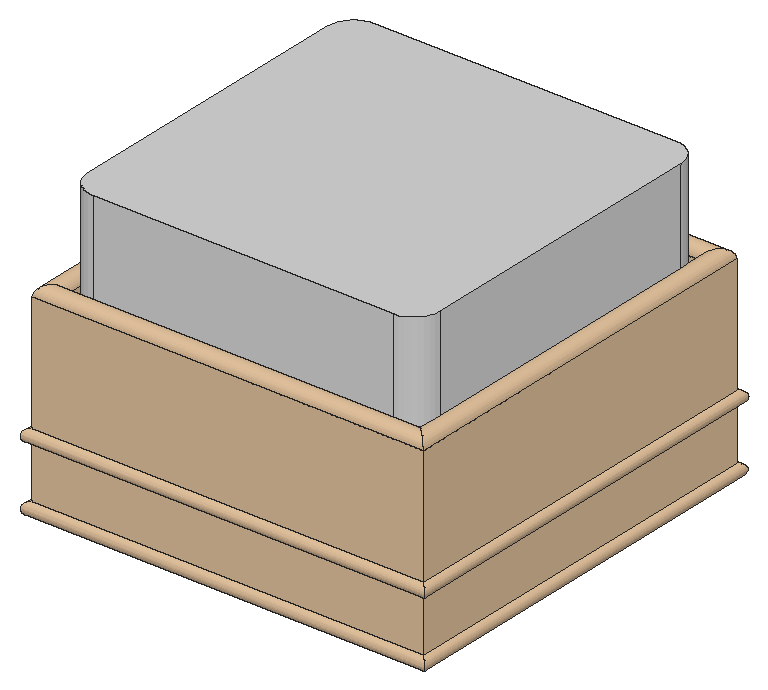
Revit family
Parameters (values of type "300 x 300 mm")
  Width = 300 mm
  Material of Cushion = Cushion Material
  Material of Base = Base Material
  Length = 300 mm
  Height = 150 mm
Reference planes
  plane 1 "Center (Front/Back)": y = 0
  plane 2: z = 0
  plane 3 "Center (Left/Right)": x = 0
  plane 4: x = -150
  plane 5: x = 150
  plane 6: y = 150
  plane 7: y = -150
  plane 8: z = 150
Forms (mm)
  Extrusion 1, solid, material "Base Material" <- "Material of Base"
    sketch origin (0, 0, 0) x (1, 0, 0) y (0, 1, 0)
      loop
        line (-150, 150) -> (-150, -150) -> (150, -150) -> (150, 150) -> (-150, 150)
      loop
        line (-135, 135) -> (-135, -135) -> (135, -135) -> (135, 135) -> (-135, 135)
    from 0 to 150
  Extrusion 2, solid, material "Cushion Material" <- "Material of Cushion"
    sketch origin (0, 0, 150) x (0, -1, 0) y (-1, 0, 0)
      loop
        line (-135, 115) -> (-135, -115)
        arc (-135, -115) -> (-129.142, -129.142) -> (-115, -135) r 20
        line (-115, -135) -> (115, -135)
        arc (115, -135) -> (129.142, -129.142) -> (135, -115) r 20
        line (135, -115) -> (135, 115)
        arc (135, 115) -> (129.142, 129.142) -> (115, 135) r 20
        line (115, 135) -> (-115, 135)
        arc (-115, 135) -> (-129.142, 129.142) -> (-135, 115) r 20
    from 0 to -75
  Sweep 3, solid, material "Base Material" <- "Material of Base"
    path in 3D
      loop
        line (-150, -150, 150) -> (150, -150, 150) -> (150, 150, 150) -> (-150, 150, 150) -> (-150, -150, 150)
    profile origin (0, 0, 0) x (1, 0, 0) y (0, 0, 1)
      loop
        line (-150, 150) -> (-135, 150)
        arc (-135, 150) -> (-142.5, 157.5) -> (-150, 150) r 7.5
  Sweep 4, solid, material "Base Material" <- "Material of Base"
    path in 3D
      loop
        line (-150, -150, 150) -> (150, -150, 150) -> (150, 150, 150) -> (-150, 150, 150) -> (-150, -150, 150)
    profile origin (0, 0, 0) x (-1, 0, 0) y (0, 0, -1)
      loop
        line (150, 0) -> (150, -9.752)
        arc (150, -9.752) -> (154.876, -4.876) -> (150, 0) r 4.876
  Sweep 5, solid, material "Base Material" <- "Material of Base"
    path in 3D
      loop
        line (-150, -150, 150) -> (150, -150, 150) -> (150, 150, 150) -> (-150, 150, 150) -> (-150, -150, 150)
    profile origin (0, 0, 0) x (-1, 0, 0) y (0, 0, -1)
      loop
        line (150, -49.867) -> (150, -59.86)
        arc (150, -59.86) -> (154.997, -54.863) -> (150, -49.867) r 4.997
Lines and regions (mm)
  sketch lines
    curve 1: line (-150, 150, 150) -> (-150, -150, 150)
    curve 2: line (150, 150, 150) -> (-150, 150, 150)
    curve 3: line (150, -150, 150) -> (150, 150, 150)
    curve 4: line (-150, -150, 150) -> (150, -150, 150)
    curve 5: line (-150, 150, 150) -> (-150, -150, 150)
    curve 6: line (150, 150, 150) -> (-150, 150, 150)
    curve 7: line (150, -150, 150) -> (150, 150, 150)
    curve 8: line (-150, -150, 150) -> (150, -150, 150)
    curve 9: line (-150, 150, 150) -> (-150, -150, 150)
    curve 10: line (150, 150, 150) -> (-150, 150, 150)
    curve 11: line (150, -150, 150) -> (150, 150, 150)
    curve 12: line (-150, -150, 150) -> (150, -150, 150)
Dimensions and locks
  equal spacing: plane 4, plane 3 "Center (Left/Right)", plane 5
  "Length": plane 4 to plane 5
  equal spacing: plane 7, plane 1 "Center (Front/Back)", plane 6
  "Width": plane 7 to plane 6
  "Height": plane 8 to level
  aligned and locked: plane 4 to Extrusion 1 sketch curve
  aligned and locked: plane 6 to Extrusion 1 sketch curve
  aligned and locked: plane 7 to Extrusion 1 sketch curve
  aligned and locked: Extrusion 1 sketch curve to plane 5
  aligned and locked: plane 8 to Extrusion 1
  aligned and locked: Extrusion 2 sketch curve to Extrusion 1
  aligned and locked: Extrusion 2 to Extrusion 1
  aligned and locked: Extrusion 1 to Sweep 3 sketch curve  (x2)
  aligned and locked: Sweep 4 sketch curve to Extrusion 1  (x2)
  aligned and locked: plane 4 to Sweep 5 sketch curve
Automatic sketch dimensions
  plane 4 to Extrusion 1 sketch curve = 15 mm
  Extrusion 1 sketch curve to plane 5 = 15 mm
  Extrusion 1 sketch curve to plane 7 = 15 mm
  plane 6 to Extrusion 1 sketch curve = 15 mm
  Extrusion 2 sketch curve to Extrusion 2 sketch curve = 20 mm  (x4)
  plane 4 to Extrusion 2 sketch curve = 15 mm
  Extrusion 2 sketch curve to plane 7 = 35 mm
  Sweep 3 sketch curve to profile plane = 0 mm
  Sweep 3 sketch curve to profile plane = 7.5 mm
  Sweep 4 sketch curve to Sweep 4 sketch curve = 4.876 mm
  Sweep 5 sketch curve to Sweep 5 sketch curve = 4.997 mm
  plane 6 to Extrusion 2 sketch curve = 35 mm
